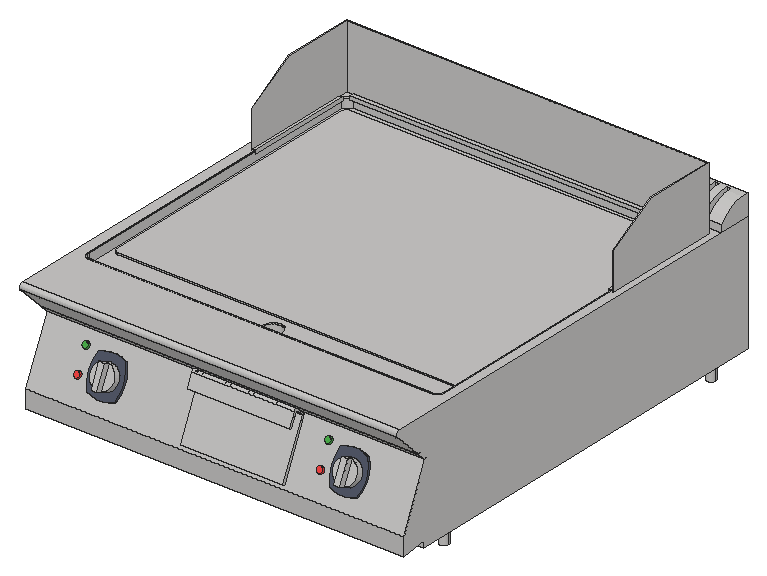
Revit family "QF_ELECTROLUXPROFESSIONAL_391400_E9IINDAOMEA", category Specialty Equipment, Revit 2018
Family settings
  Round Connector Dimension = Use Diameter
  Part Type = Normal
  Work Plane-Based = No
  Always vertical = Yes
  Cut with Voids When Loaded = No
  Shared = No
  Room Calculation Point = No
Parameters
  Width = 800 mm  # constant formula
  Weight in Pounds = 105  # constant formula
  Watts = 15000 VA  # 15000 W
  Volts = 400 V  # constant formula
  URL Cutsheet = "www.electrolux.com"
  URL = "www.electrolux.com"
  Type Mark [instance] = ""
  Status [instance] = ""
  Specification by User [instance] = ""
  Specification by Manufacturer = ""
  Show Logo [instance] = yes
  Show Clearance [instance] = yes
  Serial Number = ""
  Seismic Rating = ""
  SMACNA No = ""
  Revision Code [instance] = ""
  Phase = 3
  Omniclass Number and Title = ""
  Number of Poles [instance] = 1
  NAFEM Spec ID Number = ""
  Model = "391069"
  Min Ckt Ampacity = 0 A
  Max Overcurrent Protection = 0 A
  Masterspec = ""
  Manufacturer = "ELECTROLUX"
  Item Number [instance] = ""
  Installed By [instance] = ""
  Identify Quantity as Lot [instance] = yes
  HP = "20.1 HP"
  Furnished By [instance] = ""
  Foodservice Equipment Identifier [instance] = yes
  FL Amps = if(Phase = 3, Watts / (Volts * 1.73), Watts / Volts)  # 21.6763 A
  Electrical Remarks [instance] = "400 V/3N ph/50/60 Hz"  # constant formula
  Electric Connection Type [instance] = ""
  Elec Conn RI Height [instance] = 0 mm
  Elec Conn Connection Height [instance] = 0 mm
  Direct Waste Size = 0"
  Description = "900XP FULL MODULE ELECTRIC FRY TOP, SMOOTH HORIZONTAL PLATE, MILD STEEL - 400 V"
  Depth = 930 mm  # constant formula
  Cycle [instance] = if([60 Hertz Option], 60 Hz, 50 Hz)  # 60 Hz
  Conn Plug = ""
  Conn Conduit = yes
  CSI MasterFormat = ""
  CSI Master Format = ""
  Apparent Power = if(Phase = 3, Volts * FL Amps * 1.73, Volts * FL Amps)  # 15000 VA
  60 Hertz Option [instance] = not([50 Hertz Option])  # yes
  50 Hertz Option [instance] = no
Reference planes
  plane 1 "BACK": y = 0
  plane 2: z = 0
  plane 3 "LEFT": x = 0
  plane 4 "RIGHT": x = 800
  plane 5 "FRONT": y = -930
  plane 6 "TOP": z = 275
  plane 7 "Center Y": x = 400
  plane 8 "Center X": y = -465
  plane 9: y = -1045
  plane 10: z = 24
  plane 11: z = 290
  plane 12: z = 410
  plane 13: x = 11
  plane 14: x = 789
Forms (mm)
  Extrusion 1, solid, material "QF_Finishes_Stainless Steel"
    sketch origin (0, 0, 0) x (0, 1, 0) y (0, 0, 1)
      loop
        line (0, 275) -> (-922.686, 275)
        arc (-922.686, 275) -> (-929.443, 270.485) -> (-927.858, 262.514) r 7.314
        line (-927.858, 262.514) -> (-873.907, 208.563) -> (-865.773, 208.563) -> (-865.773, 206.447) -> (-871.79, 206.447) -> (-858.907, 193.563) -> (-850.773, 193.563) -> (-850.773, 191.447) -> (-856.79, 191.447) -> (-913.146, 69.003) -> (-913.146, 30.903) -> (-859.774, 36.513) -> (-859.774, 24) -> (0, 24) -> (0, 275)
    from 0 to 800
  Extrusion 2, solid, material "QF_Finishes_Stainless Steel"
    sketch origin (0, -1, 0) x (1, 0, 0) y (0, 1, 0)
      loop
        circle (11, -82) r 9.525
      loop
        circle (11, -790) r 9.525
      loop
        circle (789, -82) r 9.525
      loop
        circle (789, -790) r 9.525
    from 0 to 24
  Extrusion 3, solid, material "QF_Finishes_Stainless Steel"
    sketch origin (635, 190.152, 275) x (0, -1, 0) y (1, 0, 0)
      loop
        line (273.542, 147.97) -> (273.542, -617.97) -> (275.13, -617.97) -> (275.13, 147.97) -> (273.542, 147.97)
    from 0 to 135
  Extrusion 4, void
    sketch origin (0, 0, 275) x (0, -1, 0) y (1, 0, 0)
      loop
        arc (92.539, 37.03) -> (96.932, 26.423) -> (107.539, 22.03) r 15
        line (107.539, 22.03) -> (777.539, 22.03)
        arc (777.539, 22.03) -> (788.145, 26.423) -> (792.539, 37.03) r 15
        line (792.539, 37.03) -> (792.539, 762.97)
        arc (792.539, 762.97) -> (788.145, 773.577) -> (777.539, 777.97) r 15
        line (777.539, 777.97) -> (107.539, 777.97)
        arc (107.539, 777.97) -> (96.932, 773.577) -> (92.539, 762.97) r 15
        line (92.539, 762.97) -> (92.539, 37.03)
    from 0 to -21.588
  Sweep 5, solid, material "QF_Finishes_Stainless Steel"
    path origin (0, 0, 0) x (1, 0, 0) y (0, 1, 0)
      loop
        line (22.03, -107.539) -> (22.03, -777.539)
        arc (22.03, -777.539) -> (26.423, -788.145) -> (37.03, -792.539) r 15
        line (37.03, -792.539) -> (762.97, -792.539)
        arc (762.97, -792.539) -> (773.577, -788.145) -> (777.97, -777.539) r 15
        line (777.97, -777.539) -> (777.97, -107.539)
        arc (777.97, -107.539) -> (773.577, -96.932) -> (762.97, -92.539) r 15
        line (762.97, -92.539) -> (37.03, -92.539)
        arc (37.03, -92.539) -> (26.423, -96.932) -> (22.03, -107.539) r 15
    profile origin (22.03, -442.539, 0) x (1, 0, 0) y (0, 0, 1)
      loop
        line (0, 255) -> (1.588, 255) -> (1.588, 272.855)
        arc (1.588, 272.855) -> (1.147, 274.189) -> (0, 275) r 2.242
        line (0, 275) -> (0, 255)
  Extrusion 6, solid, material "QF_Finishes_Stainless Steel"
    sketch origin (0, 0, 0) x (1, 0, 0) y (0, 0, 1)
      loop
        line (17.03, 275.856) -> (23.926, 275.856) -> (23.926, 270.856) -> (25.514, 270.856) -> (25.514, 277.444) -> (17.03, 277.444) -> (17.03, 275.856)
      loop
        line (782.97, 275.856) -> (782.97, 277.444) -> (774.486, 277.444) -> (774.486, 270.856) -> (776.074, 270.856) -> (776.074, 275.856) -> (782.97, 275.856)
    from 105.541 to 335.39
  Extrusion 7, solid, material "QF_Finishes_Stainless Steel"
    sketch origin (0, 0, 0) x (0, 1, 0) y (0, 0, 1)
      loop
        line (-94.126, 270.856) -> (-94.126, 275.856) -> (-84.978, 275.856) -> (-84.978, 277.444) -> (-95.714, 277.444) -> (-95.714, 270.856) -> (-94.126, 270.856)
    from 32.03 to 767.97
  Extrusion 8, solid, material "QF_Finishes_Stainless Steel"
    sketch origin (0, -101.6, 24) x (-1, 0, 0) y (0, 1, 0)
      loop
        circle (-740, -482.4) r 6.35
    from 0 to 5
  Extrusion 9, solid, material "QF_Clearances", visible <- "Show Clearance", detail levels coarse
    sketch origin (0, 0, 0) x (1, 0, 0) y (0, 1, 0)
      loop
        line (0, 0) -> (800, 0) -> (800, -930) -> (900, -930) -> (900, 100) -> (-100, 100) -> (-100, -930) -> (0, -930) -> (0, 0)
    from 0 to 410
  Extrusion 10, solid, material "QF_Finishes_Stainless Steel"
    sketch origin (0, 0, 0) x (0, 1, 0) y (0, 0, 1)
      loop
        line (-792.539, 255) -> (-792.539, 253.413) -> (-92.539, 253.413) -> (-92.539, 255) -> (-792.539, 255)
    from 22.03 to 777.97
  Extrusion 11, solid, material "QF_Finishes_Stainless Steel"
    sketch origin (445, 0, 0) x (0, 1, 0) y (0, 0, 1)
      loop
        line (-858.205, 188.372) -> (-874.612, 204.778)
        arc (-874.612, 204.778) -> (-879.079, 206.181) -> (-882.783, 203.316) r 5.058
        line (-882.783, 203.316) -> (-895.445, 175.806) -> (-892.561, 174.479) -> (-879.899, 201.989)
        arc (-879.899, 201.989) -> (-878.52, 203.055) -> (-876.857, 202.533) r 1.883
        line (-876.857, 202.533) -> (-862.014, 187.69) -> (-912.848, 77.245) -> (-909.964, 75.918) -> (-858.205, 188.372)
    from -117.029 to 100
  Extrusion 12, solid, material "QF_Door-Drawer Clearances", visible <- "Show Clearance", detail levels coarse
    sketch origin (445, 0, 0) x (0, 1, 0) y (0, 0, 1)
      loop
        line (-1024.713, 174.479) -> (-1012.051, 201.989)
        arc (-1012.051, 201.989) -> (-1010.672, 203.055) -> (-1009.009, 202.533) r 1.883
        line (-1009.009, 202.533) -> (-994.166, 187.69) -> (-1045, 77.245) -> (-1042.116, 75.918) -> (-909.964, 75.918) -> (-858.205, 188.372) -> (-874.612, 204.778)
        arc (-874.612, 204.778) -> (-875.847, 205.685) -> (-877.298, 206.181) r 5.058
        line (-877.298, 206.181) -> (-1011.231, 206.181)
        arc (-1011.231, 206.181) -> (-1013.435, 205.203) -> (-1014.935, 203.316) r 5.058
        line (-1014.935, 203.316) -> (-1027.597, 175.806) -> (-1024.713, 174.479)
    from -117.029 to 100
  Extrusion 13, void
    sketch origin (328.121, 0, 0) x (1, 0, 0) y (0, 1, 0)
      loop
        circle (71.879, -758.736) r 20
    from 235.859 to 256.719
  Extrusion 14, solid, material "QF_Finishes_Stainless Steel"
    sketch origin (0, 0, 0) x (0, 1, 0) y (0, 0, 1)
      loop
        line (-83.39, 410) -> (-235.39, 410) -> (-335.39, 352.265) -> (-335.39, 275) -> (-83.39, 275) -> (-83.39, 410)
    from 15.442 to 17.03
  Extrusion 15, solid, material "QF_Finishes_Stainless Steel"
    sketch origin (23.617, -107.539, 255) x (-1, 0, 0) y (0, 1, 0)
      loop
        arc (-18.412, -615) -> (-11.341, -612.071) -> (-8.412, -605) r 10
        line (-8.412, -605) -> (-8.412, -7.867)
        arc (-8.412, -7.867) -> (-11.341, -0.796) -> (-18.412, 2.133) r 10
        line (-18.412, 2.133) -> (-734.353, 2.133)
        arc (-734.353, 2.133) -> (-741.425, -0.796) -> (-744.353, -7.867) r 10
        line (-744.353, -7.867) -> (-744.353, -605)
        arc (-744.353, -605) -> (-741.425, -612.071) -> (-734.353, -615) r 10
        line (-734.353, -615) -> (-18.412, -615)
    from 0 to -2
  Extrusion 16, solid, material "QF_Finishes_Navy Blue"
    sketch origin (302.956, -912.449, 70.59) x (0, 0.419232, 0.907879) y (-1, 0, 0)
      loop
        arc (102.26, -332.62) -> (66.843, -325.139) -> (31.333, -332.16) r 90.355
        arc (31.333, -332.16) -> (24.504, -361.269) -> (31.333, -390.378) r 65.456
        arc (31.333, -390.378) -> (66.877, -399.452) -> (102.26, -389.765) r 71.728
        arc (102.26, -389.765) -> (108.852, -361.193) -> (102.26, -332.62) r 65.22
    from 0 to 3.175
  Extrusion 17, solid, material "QF_Finishes_Stainless Steel"
    sketch origin (504.206, -916.163, 70.121) x (0, 0.419232, 0.907879) y (-1, 0, 0)
      loop
        circle (68.826, -160.963) r 25.4
    from 0 to 12.7
  Extrusion 18, solid, material "QF_Finishes_Stainless Steel"
    sketch origin (504.206, -927.693, 75.445) x (0, 0.419232, 0.907879) y (-1, 0, 0)
      loop
        arc (93.558, -166.749) -> (94.226, -160.963) -> (93.558, -155.177) r 25.4
        line (93.558, -155.177) -> (44.094, -155.177)
        arc (44.094, -155.177) -> (43.426, -160.963) -> (44.094, -166.749) r 25.4
        line (44.094, -166.749) -> (93.558, -166.749)
    from 0 to 12.7
  Extrusion 19, solid, material "QF_Finishes_Green"
    sketch origin (316.698, -908.494, 79.155) x (0, 0.419232, 0.907879) y (-1, 0, 0)
      loop
        circle (94.749, -290.848) r 6.35
    from 0 to 3.175
  Extrusion 20, solid, material "QF_Finishes_Red"
    sketch origin (316.698, -930.457, 31.593) x (0, 0.419232, 0.907879) y (-1, 0, 0)
      loop
        circle (95.112, -290.848) r 6.35
    from 0 to 3.175
  Extrusion 21, solid, material "QF_Finishes_Stainless Steel"
    sketch origin (800, 0, 0) x (0, 1, 0) y (0, 0, -1)
      loop
        line (-83.39, -410) -> (-83.39, -275) -> (-335.39, -275) -> (-335.39, -352.265) -> (-235.39, -410) -> (-83.39, -410)
    from 15.442 to 17.03
  Extrusion 22, solid, material "QF_Finishes_Navy Blue"
    sketch origin (-212.044, -912.449, 70.59) x (0, 0.419232, 0.907879) y (-1, 0, 0)
      loop
        arc (102.26, -332.62) -> (66.843, -325.139) -> (31.333, -332.16) r 90.355
        arc (31.333, -332.16) -> (24.504, -361.269) -> (31.333, -390.378) r 65.456
        arc (31.333, -390.378) -> (66.877, -399.452) -> (102.26, -389.765) r 71.728
        arc (102.26, -389.765) -> (108.852, -361.193) -> (102.26, -332.62) r 65.22
    from 0 to 3.175
  Extrusion 23, solid, material "QF_Finishes_Stainless Steel"
    sketch origin (-10.794, -916.163, 70.121) x (0, 0.419232, 0.907879) y (-1, 0, 0)
      loop
        circle (68.826, -160.963) r 25.4
    from 0 to 12.7
  Extrusion 24, solid, material "QF_Finishes_Stainless Steel"
    sketch origin (-10.794, -927.693, 75.445) x (0, 0.419232, 0.907879) y (-1, 0, 0)
      loop
        arc (93.558, -166.749) -> (94.226, -160.963) -> (93.558, -155.177) r 25.4
        line (93.558, -155.177) -> (44.094, -155.177)
        arc (44.094, -155.177) -> (43.426, -160.963) -> (44.094, -166.749) r 25.4
        line (44.094, -166.749) -> (93.558, -166.749)
    from 0 to 12.7
  Extrusion 25, solid, material "QF_Finishes_Green"
    sketch origin (-198.302, -908.494, 79.155) x (0, 0.419232, 0.907879) y (-1, 0, 0)
      loop
        circle (94.749, -290.848) r 6.35
    from 0 to 3.175
  Extrusion 26, solid, material "QF_Finishes_Red"
    sketch origin (-198.302, -930.457, 31.593) x (0, 0.419232, 0.907879) y (-1, 0, 0)
      loop
        circle (95.112, -290.848) r 6.35
    from 0 to 3.175
  Extrusion 27, solid, material "QF_Finishes_Stainless Steel"
    sketch origin (0, 0, -10.038) x (0, 1, 0) y (0, 0, 1)
      loop
        line (0, 285.038) -> (0, 331.738)
        arc (0, 331.738) -> (-38.857, 324.552) -> (-69.85, 300.038) r 82.056
        line (-69.85, 300.038) -> (-69.85, 285.038) -> (0, 285.038)
    from 0 to 400
  Extrusion 28, void
    sketch origin (0, 0, 264.6) x (0, -1, 0) y (1, 0, 0)
      loop
        line (6.761, 29.703) -> (63.911, 29.703) -> (63.911, 38.999) -> (6.761, 38.999) -> (6.761, 29.703)
      loop
        line (63.911, 64.487) -> (6.761, 64.487) -> (6.761, 55.191) -> (63.911, 55.191) -> (63.911, 64.487)
      loop
        line (63.911, 89.975) -> (6.761, 89.975) -> (6.761, 80.68) -> (63.911, 80.68) -> (63.911, 89.975)
      loop
        line (63.911, 115.464) -> (6.761, 115.464) -> (6.761, 106.168) -> (63.911, 106.168) -> (63.911, 115.464)
      loop
        line (63.911, 140.952) -> (6.761, 140.952) -> (6.761, 131.656) -> (63.911, 131.656) -> (63.911, 140.952)
      loop
        line (63.911, 166.44) -> (6.761, 166.44) -> (6.761, 157.145) -> (63.911, 157.145) -> (63.911, 166.44)
      loop
        line (63.911, 191.929) -> (6.761, 191.929) -> (6.761, 182.633) -> (63.911, 182.633) -> (63.911, 191.929)
      loop
        line (63.911, 217.417) -> (6.761, 217.417) -> (6.761, 208.121) -> (63.911, 208.121) -> (63.911, 217.417)
      loop
        line (63.911, 242.905) -> (6.761, 242.905) -> (6.761, 233.61) -> (63.911, 233.61) -> (63.911, 242.905)
      loop
        line (63.911, 268.394) -> (6.761, 268.394) -> (6.761, 259.098) -> (63.911, 259.098) -> (63.911, 268.394)
      loop
        line (63.911, 293.882) -> (6.761, 293.882) -> (6.761, 284.586) -> (63.911, 284.586) -> (63.911, 293.882)
      loop
        line (63.911, 319.37) -> (6.761, 319.37) -> (6.761, 310.075) -> (63.911, 310.075) -> (63.911, 319.37)
      loop
        line (63.911, 344.859) -> (6.761, 344.859) -> (6.761, 335.563) -> (63.911, 335.563) -> (63.911, 344.859)
      loop
        line (63.911, 370.347) -> (6.761, 370.347) -> (6.761, 361.051) -> (63.911, 361.051) -> (63.911, 370.347)
    from 25.4 to 63.5
  Extrusion 29, solid, material "QF_Finishes_Stainless Steel"
    sketch origin (800, 0, -10.038) x (0, 1, 0) y (0, 0, -1)
      loop
        line (0, -285.038) -> (-69.85, -285.038) -> (-69.85, -300.038)
        arc (-69.85, -300.038) -> (-38.857, -324.552) -> (0, -331.738) r 82.056
        line (0, -331.738) -> (0, -285.038)
    from 0 to 400
  Extrusion 30, void
    sketch origin (800, 0, 264.6) x (0, -1, 0) y (1, 0, 0)
      loop
        line (6.761, -29.703) -> (6.761, -38.999) -> (63.911, -38.999) -> (63.911, -29.703) -> (6.761, -29.703)
      loop
        line (63.911, -64.487) -> (63.911, -55.191) -> (6.761, -55.191) -> (6.761, -64.487) -> (63.911, -64.487)
      loop
        line (63.911, -89.975) -> (63.911, -80.68) -> (6.761, -80.68) -> (6.761, -89.975) -> (63.911, -89.975)
      loop
        line (63.911, -115.464) -> (63.911, -106.168) -> (6.761, -106.168) -> (6.761, -115.464) -> (63.911, -115.464)
      loop
        line (63.911, -140.952) -> (63.911, -131.656) -> (6.761, -131.656) -> (6.761, -140.952) -> (63.911, -140.952)
      loop
        line (63.911, -166.44) -> (63.911, -157.145) -> (6.761, -157.145) -> (6.761, -166.44) -> (63.911, -166.44)
      loop
        line (63.911, -191.929) -> (63.911, -182.633) -> (6.761, -182.633) -> (6.761, -191.929) -> (63.911, -191.929)
      loop
        line (63.911, -217.417) -> (63.911, -208.121) -> (6.761, -208.121) -> (6.761, -217.417) -> (63.911, -217.417)
      loop
        line (63.911, -242.905) -> (63.911, -233.61) -> (6.761, -233.61) -> (6.761, -242.905) -> (63.911, -242.905)
      loop
        line (63.911, -268.394) -> (63.911, -259.098) -> (6.761, -259.098) -> (6.761, -268.394) -> (63.911, -268.394)
      loop
        line (63.911, -293.882) -> (63.911, -284.586) -> (6.761, -284.586) -> (6.761, -293.882) -> (63.911, -293.882)
      loop
        line (63.911, -319.37) -> (63.911, -310.075) -> (6.761, -310.075) -> (6.761, -319.37) -> (63.911, -319.37)
      loop
        line (63.911, -344.859) -> (63.911, -335.563) -> (6.761, -335.563) -> (6.761, -344.859) -> (63.911, -344.859)
      loop
        line (63.911, -370.347) -> (63.911, -361.051) -> (6.761, -361.051) -> (6.761, -370.347) -> (63.911, -370.347)
    from 25.4 to 63.5
Cuts and joins
  Extrusion 4, Extrusion 13 cuts Extrusion 1
  Extrusion 13 cuts Extrusion 10
  joined: Extrusion 3, Extrusion 14, Extrusion 21
  Extrusion 28, Extrusion 30 cuts Extrusion 27
  Extrusion 30 cuts Extrusion 29
Lines and regions (mm)
  symbolic lines, style "QF_Clearances", visible <- "Show Clearance", detail levels coarse
    curve 1: line (900, -930, 0) -> (900, 100, 0)
    curve 2: line (900, 100, 0) -> (-100, 100, 0)
    curve 3: line (-100, 100, 0) -> (-100, -930, 0)
  symbolic lines, style "QF_Door-Drawer Clearances"
    curve 4: line (327.971, -930, 0) -> (327.971, -1045, 0)
    curve 5: line (327.971, -1045, 0) -> (545, -1045, 0)
    curve 6: line (545, -930, 0) -> (545, -1045, 0)
  symbolic lines
    curve 7: line (0, -930, 0) -> (800, -930, 0)
    curve 8: line (800, -930, 0) -> (800, 0, 0)
    curve 9: line (800, 0, 0) -> (0, 0, 0)
    curve 10: line (0, 0, 0) -> (0, -930, 0)
    curve 11: line (762.97, -792.539, 0) -> (37.03, -792.539, 0)
    curve 12: arc (37.03, -792.539, 0) -> (26.423, -788.145, 0) -> (22.03, -777.539, 0) r 15
    curve 13: line (22.03, -777.539, 0) -> (22.03, -335.39, 0)
    curve 14: arc (22.163, -105.541, 0) -> (25.387, -98.081, 0) -> (32.03, -93.397, 0) r 15
    curve 15: arc (767.97, -93.397, 0) -> (774.613, -98.081, 0) -> (777.837, -105.541, 0) r 15
    curve 16: line (777.97, -335.39, 0) -> (777.97, -777.539, 0)
    curve 17: arc (777.97, -777.539, 0) -> (773.577, -788.145, 0) -> (762.97, -792.539, 0) r 15
    curve 18: line (757.97, -722.539, 0) -> (42.03, -722.539, 0)
    curve 19: arc (42.03, -722.539, 0) -> (34.958, -719.61, 0) -> (32.03, -712.539, 0) r 10
    curve 20: line (32.03, -712.539, 0) -> (32.03, -115.406, 0)
    curve 21: arc (32.03, -115.406, 0) -> (34.958, -108.335, 0) -> (42.03, -105.406, 0) r 10
    curve 22: line (42.03, -105.406, 0) -> (757.97, -105.406, 0)
    curve 23: arc (757.97, -105.406, 0) -> (765.042, -108.335, 0) -> (767.97, -115.406, 0) r 10
    curve 24: line (767.97, -115.406, 0) -> (767.97, -712.539, 0)
    curve 25: arc (767.97, -712.539, 0) -> (765.042, -719.61, 0) -> (757.97, -722.539, 0) r 10
    curve 26: line (15.442, -83.39, 0) -> (15.442, -335.39, 0)
    curve 27: line (784.558, -83.39, 0) -> (15.442, -83.39, 0)
    curve 28: line (784.558, -335.39, 0) -> (784.558, -83.39, 0)
    curve 29: line (767.97, -95.714, 0) -> (767.97, -83.39, 0)
    curve 30: line (32.03, -95.714, 0) -> (767.97, -95.714, 0)
    curve 31: line (32.03, -83.39, 0) -> (32.03, -95.714, 0)
    curve 32: line (784.558, -105.541, 0) -> (774.486, -105.541, 0)
    curve 33: line (25.514, -335.39, 0) -> (25.514, -105.541, 0)
    curve 34: line (15.442, -335.39, 0) -> (25.514, -335.39, 0)
    curve 35: line (774.486, -105.541, 0) -> (774.486, -335.39, 0)
    curve 36: line (774.486, -335.39, 0) -> (784.558, -335.39, 0)
    curve 37: line (25.514, -105.541, 0) -> (15.442, -105.541, 0)
    curve 38: line (38.999, -6.761, 0) -> (38.999, -63.911, 0)
    curve 39: line (38.999, -63.911, 0) -> (29.703, -63.911, 0)
    curve 40: line (29.703, -63.911, 0) -> (29.703, -6.761, 0)
    curve 41: line (29.703, -6.761, 0) -> (38.999, -6.761, 0)
    curve 42: line (55.191, -63.911, 0) -> (55.191, -6.761, 0)
    curve 43: line (55.191, -6.761, 0) -> (64.487, -6.761, 0)
    curve 44: line (64.487, -6.761, 0) -> (64.487, -63.911, 0)
    curve 45: line (64.487, -63.911, 0) -> (55.191, -63.911, 0)
    curve 46: line (89.975, -6.761, 0) -> (89.975, -63.911, 0)
    curve 47: line (89.975, -63.911, 0) -> (80.68, -63.911, 0)
    curve 48: line (80.68, -63.911, 0) -> (80.68, -6.761, 0)
    curve 49: line (80.68, -6.761, 0) -> (89.975, -6.761, 0)
    curve 50: line (115.464, -6.761, 0) -> (115.464, -63.911, 0)
    curve 51: line (115.464, -63.911, 0) -> (106.168, -63.911, 0)
    curve 52: line (106.168, -63.911, 0) -> (106.168, -6.761, 0)
    curve 53: line (106.168, -6.761, 0) -> (115.464, -6.761, 0)
    curve 54: line (140.952, -6.761, 0) -> (140.952, -63.911, 0)
    curve 55: line (140.952, -63.911, 0) -> (131.656, -63.911, 0)
    curve 56: line (131.656, -63.911, 0) -> (131.656, -6.761, 0)
    curve 57: line (131.656, -6.761, 0) -> (140.952, -6.761, 0)
    curve 58: line (166.44, -6.761, 0) -> (166.44, -63.911, 0)
    curve 59: line (166.44, -63.911, 0) -> (157.145, -63.911, 0)
    curve 60: line (157.145, -63.911, 0) -> (157.145, -6.761, 0)
    curve 61: line (157.145, -6.761, 0) -> (166.44, -6.761, 0)
    curve 62: line (191.929, -6.761, 0) -> (191.929, -63.911, 0)
    curve 63: line (191.929, -63.911, 0) -> (182.633, -63.911, 0)
    curve 64: line (182.633, -63.911, 0) -> (182.633, -6.761, 0)
    curve 65: line (182.633, -6.761, 0) -> (191.929, -6.761, 0)
    curve 66: line (208.121, -63.911, 0) -> (208.121, -6.761, 0)
    curve 67: line (208.121, -6.761, 0) -> (217.417, -6.761, 0)
    curve 68: line (217.417, -6.761, 0) -> (217.417, -63.911, 0)
    curve 69: line (217.417, -63.911, 0) -> (208.121, -63.911, 0)
    curve 70: line (767.97, -83.39, 0) -> (767.97, -95.714, 0)
    curve 71: line (361.001, -6.761, 0) -> (361.001, -63.911, 0)
    curve 72: line (361.001, -63.911, 0) -> (370.297, -63.911, 0)
    curve 73: line (370.297, -63.911, 0) -> (370.297, -6.761, 0)
    curve 74: line (370.297, -6.761, 0) -> (361.001, -6.761, 0)
    curve 75: line (344.809, -63.911, 0) -> (344.809, -6.761, 0)
    curve 76: line (344.809, -6.761, 0) -> (335.513, -6.761, 0)
    curve 77: line (335.513, -6.761, 0) -> (335.513, -63.911, 0)
    curve 78: line (335.513, -63.911, 0) -> (344.809, -63.911, 0)
    curve 79: line (310.025, -6.761, 0) -> (310.025, -63.911, 0)
    curve 80: line (310.025, -63.911, 0) -> (319.32, -63.911, 0)
    curve 81: line (319.32, -63.911, 0) -> (319.32, -6.761, 0)
    curve 82: line (319.32, -6.761, 0) -> (310.025, -6.761, 0)
    curve 83: line (284.536, -6.761, 0) -> (284.536, -63.911, 0)
    curve 84: line (284.536, -63.911, 0) -> (293.832, -63.911, 0)
    curve 85: line (293.832, -63.911, 0) -> (293.832, -6.761, 0)
    curve 86: line (293.832, -6.761, 0) -> (284.536, -6.761, 0)
    curve 87: line (259.048, -6.761, 0) -> (259.048, -63.911, 0)
    curve 88: line (259.048, -63.911, 0) -> (268.344, -63.911, 0)
    curve 89: line (268.344, -63.911, 0) -> (268.344, -6.761, 0)
    curve 90: line (268.344, -6.761, 0) -> (259.048, -6.761, 0)
    curve 91: line (233.56, -6.761, 0) -> (233.56, -63.911, 0)
    curve 92: line (233.56, -63.911, 0) -> (242.855, -63.911, 0)
    curve 93: line (242.855, -63.911, 0) -> (242.855, -6.761, 0)
    curve 94: line (242.855, -6.761, 0) -> (233.56, -6.761, 0)
    curve 95: arc (380, -758.736, 0) -> (400, -738.736, 0) -> (420, -758.736, 0) r 20
    curve 96: arc (380, -758.736, 0) -> (400, -778.736, 0) -> (420, -758.736, 0) r 20
    curve 97: arc (777.837, -105.541, 0) -> (774.613, -98.081, 0) -> (767.97, -93.397, 0) r 15
    curve 98: arc (767.97, -115.406, 0) -> (765.042, -108.335, 0) -> (757.97, -105.406, 0) r 10
    curve 99: line (767.97, -83.39, 0) -> (767.97, -95.714, 0)
    curve 100: line (761.001, -6.761, 0) -> (761.001, -63.911, 0)
    curve 101: line (761.001, -63.911, 0) -> (770.297, -63.911, 0)
    curve 102: line (770.297, -63.911, 0) -> (770.297, -6.761, 0)
    curve 103: line (770.297, -6.761, 0) -> (761.001, -6.761, 0)
    curve 104: line (744.809, -63.911, 0) -> (744.809, -6.761, 0)
    curve 105: line (744.809, -6.761, 0) -> (735.513, -6.761, 0)
    curve 106: line (735.513, -6.761, 0) -> (735.513, -63.911, 0)
    curve 107: line (735.513, -63.911, 0) -> (744.809, -63.911, 0)
    curve 108: line (710.025, -6.761, 0) -> (710.025, -63.911, 0)
    curve 109: line (710.025, -63.911, 0) -> (719.32, -63.911, 0)
    curve 110: line (719.32, -63.911, 0) -> (719.32, -6.761, 0)
    curve 111: line (719.32, -6.761, 0) -> (710.025, -6.761, 0)
    curve 112: line (684.536, -6.761, 0) -> (684.536, -63.911, 0)
    curve 113: line (684.536, -63.911, 0) -> (693.832, -63.911, 0)
    curve 114: line (693.832, -63.911, 0) -> (693.832, -6.761, 0)
    curve 115: line (693.832, -6.761, 0) -> (684.536, -6.761, 0)
    curve 116: line (659.048, -6.761, 0) -> (659.048, -63.911, 0)
    curve 117: line (659.048, -63.911, 0) -> (668.344, -63.911, 0)
    curve 118: line (668.344, -63.911, 0) -> (668.344, -6.761, 0)
    curve 119: line (668.344, -6.761, 0) -> (659.048, -6.761, 0)
    curve 120: line (633.56, -6.761, 0) -> (633.56, -63.911, 0)
    curve 121: line (633.56, -63.911, 0) -> (642.855, -63.911, 0)
    curve 122: line (642.855, -63.911, 0) -> (642.855, -6.761, 0)
    curve 123: line (642.855, -6.761, 0) -> (633.56, -6.761, 0)
    curve 124: line (608.071, -6.761, 0) -> (608.071, -63.911, 0)
    curve 125: line (608.071, -63.911, 0) -> (617.367, -63.911, 0)
    curve 126: line (617.367, -63.911, 0) -> (617.367, -6.761, 0)
    curve 127: line (617.367, -6.761, 0) -> (608.071, -6.761, 0)
    curve 128: line (591.879, -63.911, 0) -> (591.879, -6.761, 0)
    curve 129: line (591.879, -6.761, 0) -> (582.583, -6.761, 0)
    curve 130: line (582.583, -6.761, 0) -> (582.583, -63.911, 0)
    curve 131: line (582.583, -63.911, 0) -> (591.879, -63.911, 0)
    curve 132: line (438.999, -6.761, 0) -> (438.999, -63.911, 0)
    curve 133: line (438.999, -63.911, 0) -> (429.703, -63.911, 0)
    curve 134: line (429.703, -63.911, 0) -> (429.703, -6.761, 0)
    curve 135: line (429.703, -6.761, 0) -> (438.999, -6.761, 0)
    curve 136: line (455.191, -63.911, 0) -> (455.191, -6.761, 0)
    curve 137: line (455.191, -6.761, 0) -> (464.487, -6.761, 0)
    curve 138: line (464.487, -6.761, 0) -> (464.487, -63.911, 0)
    curve 139: line (464.487, -63.911, 0) -> (455.191, -63.911, 0)
    curve 140: line (489.975, -6.761, 0) -> (489.975, -63.911, 0)
    curve 141: line (489.975, -63.911, 0) -> (480.68, -63.911, 0)
    curve 142: line (480.68, -63.911, 0) -> (480.68, -6.761, 0)
    curve 143: line (480.68, -6.761, 0) -> (489.975, -6.761, 0)
    curve 144: line (515.464, -6.761, 0) -> (515.464, -63.911, 0)
    curve 145: line (515.464, -63.911, 0) -> (506.168, -63.911, 0)
    curve 146: line (506.168, -63.911, 0) -> (506.168, -6.761, 0)
    curve 147: line (506.168, -6.761, 0) -> (515.464, -6.761, 0)
    curve 148: line (540.952, -6.761, 0) -> (540.952, -63.911, 0)
    curve 149: line (540.952, -63.911, 0) -> (531.656, -63.911, 0)
    curve 150: line (531.656, -63.911, 0) -> (531.656, -6.761, 0)
    curve 151: line (531.656, -6.761, 0) -> (540.952, -6.761, 0)
    curve 152: line (566.44, -6.761, 0) -> (566.44, -63.911, 0)
    curve 153: line (566.44, -63.911, 0) -> (557.145, -63.911, 0)
    curve 154: line (557.145, -63.911, 0) -> (557.145, -6.761, 0)
    curve 155: line (557.145, -6.761, 0) -> (566.44, -6.761, 0)
    curve 156: line (0, -69.85, 0) -> (800, -69.85, 0)
    curve 157: line (400, -69.85, 0) -> (400, 0, 0)
Dimensions and locks
  equal spacing: plane 3 "LEFT", plane 7 "Center Y", plane 4 "RIGHT"
  "Width": plane 3 "LEFT" to plane 4 "RIGHT"
  equal spacing: plane 5 "FRONT", plane 8 "Center X", plane 1 "BACK"
  "Depth": plane 5 "FRONT" to plane 1 "BACK"
  plane 6 "TOP" to level = 275 mm
  plane 1 "BACK" to plane 9 = 1045 mm  (x2)
  plane 10 to level = 24 mm  (x2)
  plane 11 to plane 10 = 266 mm
  plane 6 "TOP" to plane 10 = 251 mm
  plane 12 to level = 410 mm  (x2)
  plane 12 to plane 10 = 386 mm
  plane 13 to plane 3 "LEFT" = 11 mm
  locked: plane 14 to plane 4 "RIGHT" at 11
  plane 1 "BACK" to plane 5 "FRONT" = 930 mm
  Extrusion 8 to plane 10 = 5 mm
  plane 1 "BACK" to Extrusion 8 = 584 mm
  plane 1 "BACK" to Extrusion 2 to Extrusion 2 to plane 5 "FRONT" = 83 mm, 708 mm, 139 mm
  plane 13 to plane 14 = 778 mm
  Extrusion 8 sketch curve to plane 4 "RIGHT" = 60 mm
  Extrusion 8 sketch curve to plane 1 "BACK" = 584 mm
  aligned and locked: level to plane 2
  aligned and locked: Extrusion 1 to plane 4 "RIGHT"
Automatic sketch dimensions
  Extrusion 1 sketch curve to plane 6 "TOP" = 0 mm
  Extrusion 1 sketch curve to plane 10 = 0 mm
  Extrusion 1 sketch curve to plane 1 "BACK" = 0 mm
  Extrusion 1 sketch curve to plane 5 "FRONT" = 79.227 mm
  Extrusion 1 sketch curve to Extrusion 1 sketch curve = 6.017 mm  (x2)
  Extrusion 1 sketch curve to Extrusion 1 sketch curve = 2.117 mm  (x4)
  plane 10 to Extrusion 1 sketch curve = 12.513 mm
  Extrusion 1 sketch curve to plane 5 "FRONT" = 70.226 mm
  Extrusion 1 sketch curve to Extrusion 1 sketch curve = 6.866 mm
  Extrusion 1 sketch curve to plane 5 "FRONT" = 16.854 mm
  Extrusion 1 sketch curve to plane 5 "FRONT" = 7.314 mm
  Extrusion 1 sketch curve to plane 5 "FRONT" = 2.142 mm
  plane 10 to Extrusion 1 sketch curve = 6.903 mm
  Extrusion 1 sketch curve to Extrusion 1 sketch curve = 38.1 mm
  Extrusion 1 sketch curve to plane 6 "TOP" = 83.553 mm
  Extrusion 1 sketch curve to Extrusion 1 sketch curve = 12.883 mm
  Extrusion 1 sketch curve to plane 6 "TOP" = 12.486 mm
  Extrusion 2 sketch curve to plane 13 = 0 mm  (x2)
  Extrusion 2 sketch curve to plane 14 = 0 mm  (x2)
  Extrusion 2 sketch curve to plane 5 "FRONT" = 139 mm  (x2)
  plane 1 "BACK" to Extrusion 2 sketch curve = 83 mm  (x2)
  Extrusion 1 to Extrusion 3 sketch curve = 17.03 mm  (x2)
  Extrusion 1 to Extrusion 3 sketch curve = 83.39 mm
  Extrusion 3 sketch curve to Extrusion 3 sketch curve = 1.588 mm
  Extrusion 1 to Extrusion 4 sketch curve = 37.03 mm
  Extrusion 1 to Extrusion 4 sketch curve = 92.539 mm
  Extrusion 4 sketch curve to Extrusion 4 sketch curve = 15 mm  (x3)
  Extrusion 1 to Extrusion 4 sketch curve = 145.147 mm  (x2)
  Extrusion 1 to Extrusion 4 sketch curve = 22.03 mm
  plane 13 to Sweep 5 sketch curve = 11.03 mm
  Sweep 5 sketch curve to Sweep 5 sketch curve = 15 mm  (x2)
  plane 14 to Sweep 5 sketch curve = 26.03 mm  (x2)
  plane 14 to Sweep 5 sketch curve = 11.03 mm
  Sweep 5 sketch curve to plane 5 "FRONT" = 137.461 mm
  plane 1 "BACK" to Sweep 5 sketch curve = 107.539 mm
  profile plane to Sweep 5 sketch curve = 0 mm
  profile plane to Sweep 5 sketch curve = 0.655 mm
  Sweep 5 sketch curve to profile plane = 1.588 mm
  level to Sweep 5 sketch curve = 255 mm
  Sweep 5 sketch curve to Sweep 5 sketch curve = 17.855 mm
  plane 6 "TOP" to Extrusion 6 sketch curve = 0.856 mm  (x2)
  plane 13 to Extrusion 6 sketch curve = 6.03 mm
  Extrusion 6 sketch curve to plane 6 "TOP" = 4.144 mm  (x2)
  Extrusion 6 sketch curve to Extrusion 6 sketch curve = 6.896 mm
  Extrusion 6 sketch curve to Extrusion 6 sketch curve = 1.588 mm  (x3)
  plane 14 to Extrusion 6 sketch curve = 14.514 mm
  plane 6 "TOP" to Extrusion 6 sketch curve = 2.444 mm
  plane 14 to Extrusion 6 sketch curve = 6.03 mm
  plane 6 "TOP" to Extrusion 7 sketch curve = 2.444 mm
  plane 1 "BACK" to Extrusion 7 sketch curve = 95.714 mm
  Extrusion 7 sketch curve to Extrusion 7 sketch curve = 1.588 mm
  Extrusion 7 sketch curve to Extrusion 7 sketch curve = 9.149 mm
  plane 6 "TOP" to Extrusion 7 sketch curve = 0.856 mm
  Extrusion 7 sketch curve to plane 6 "TOP" = 4.144 mm
  plane 5 "FRONT" to Extrusion 9 sketch curve = 0 mm  (x2)
  Extrusion 9 sketch curve to plane 3 "LEFT" = 0 mm
  Extrusion 9 sketch curve to plane 4 "RIGHT" = 0 mm
  plane 1 "BACK" to Extrusion 9 sketch curve = 0 mm
  Extrusion 9 sketch curve to plane 3 "LEFT" = 100 mm
  Extrusion 9 sketch curve to plane 4 "RIGHT" = 100 mm
  Extrusion 9 sketch curve to plane 1 "BACK" = 100 mm
  Extrusion 10 sketch curve to plane 6 "TOP" = 21.587 mm
  Extrusion 10 sketch curve to plane 5 "FRONT" = 137.461 mm
  plane 1 "BACK" to Extrusion 10 sketch curve = 92.539 mm
  Extrusion 10 sketch curve to Extrusion 10 sketch curve = 1.588 mm
  Extrusion 11 sketch curve to Extrusion 11 sketch curve = 0 mm  (x2)
  Extrusion 11 sketch curve to plane 5 "FRONT" = 17.152 mm
  Extrusion 11 sketch curve to Extrusion 11 sketch curve = 2.884 mm  (x3)
  Extrusion 11 sketch curve to plane 5 "FRONT" = 34.555 mm
  Extrusion 11 sketch curve to Extrusion 11 sketch curve = 12.662 mm
  Extrusion 11 sketch curve to Extrusion 11 sketch curve = 1.711 mm
  Extrusion 11 sketch curve to Extrusion 11 sketch curve = 1.332 mm
  Extrusion 11 sketch curve to Extrusion 11 sketch curve = 2.245 mm
  Extrusion 11 sketch curve to Extrusion 11 sketch curve = 14.843 mm
  Extrusion 11 sketch curve to Extrusion 11 sketch curve = 3.809 mm
  plane 10 to Extrusion 11 sketch curve = 51.918 mm
  Extrusion 11 sketch curve to Extrusion 11 sketch curve = 1.327 mm  (x2)
  Extrusion 11 sketch curve to Extrusion 11 sketch curve = 13.211 mm
  Extrusion 11 sketch curve to Extrusion 11 sketch curve = 0.787 mm
  Extrusion 12 sketch curve to Extrusion 12 sketch curve = 0 mm  (x2)
  Extrusion 12 sketch curve to plane 9 = 0 mm
  plane 9 to Extrusion 12 sketch curve = 2.884 mm
  plane 9 to Extrusion 12 sketch curve = 17.403 mm
  Extrusion 12 sketch curve to Extrusion 12 sketch curve = 2.884 mm  (x2)
  plane 9 to Extrusion 12 sketch curve = 30.065 mm
  Extrusion 12 sketch curve to Extrusion 12 sketch curve = 0.82 mm
  Extrusion 12 sketch curve to Extrusion 12 sketch curve = 1.711 mm
  Extrusion 12 sketch curve to Extrusion 12 sketch curve = 1.332 mm
  Extrusion 12 sketch curve to Extrusion 12 sketch curve = 14.843 mm
  Extrusion 12 sketch curve to plane 5 "FRONT" = 20.036 mm
  Extrusion 12 sketch curve to plane 5 "FRONT" = 51.812 mm
  Extrusion 12 sketch curve to Extrusion 12 sketch curve = 0.891 mm
  Extrusion 12 sketch curve to Extrusion 12 sketch curve = 2.686 mm
  Extrusion 12 sketch curve to Extrusion 12 sketch curve = 16.406 mm
  plane 10 to Extrusion 12 sketch curve = 51.918 mm
  Extrusion 12 sketch curve to Extrusion 12 sketch curve = 1.327 mm  (x2)
  Extrusion 12 sketch curve to Extrusion 12 sketch curve = 13.211 mm
  Extrusion 12 sketch curve to plane 6 "TOP" = 86.628 mm
  Extrusion 12 sketch curve to Extrusion 12 sketch curve = 0.787 mm
  Extrusion 12 sketch curve to Extrusion 12 sketch curve = 4.979 mm
  Extrusion 13 sketch curve to plane 7 "Center Y" = 0 mm
  Extrusion 13 sketch curve to plane 5 "FRONT" = 171.264 mm
  Extrusion 14 sketch curve to plane 6 "TOP" = 0 mm
  Extrusion 14 sketch curve to plane 12 = 0 mm
  Extrusion 14 sketch curve to plane 12 = 57.735 mm
  plane 8 "Center X" to Extrusion 14 sketch curve = 129.61 mm
  Extrusion 14 sketch curve to Extrusion 14 sketch curve = 100 mm
  plane 1 "BACK" to Extrusion 14 sketch curve = 83.39 mm
  Sweep 5 to Extrusion 15 sketch curve = 8.412 mm
  Extrusion 15 sketch curve to Extrusion 15 sketch curve = 10 mm  (x2)
  Sweep 5 to Extrusion 15 sketch curve = 18.412 mm
  Sweep 5 to Extrusion 15 sketch curve = 18.413 mm
  Sweep 5 to Extrusion 15 sketch curve = 8.413 mm
  Sweep 5 to Extrusion 15 sketch curve = 11.28 mm
  Sweep 5 to Extrusion 15 sketch curve = 78.412 mm
  plane 14 to Extrusion 16 sketch curve = 153.884 mm
  Extrusion 16 sketch curve to Extrusion 16 sketch curve = 0 mm
  Extrusion 16 sketch curve to Extrusion 16 sketch curve = 12.3 mm  (x3)
  Extrusion 16 sketch curve to Extrusion 16 sketch curve = 34.925 mm  (x2)
  Extrusion 16 sketch curve to Extrusion 16 sketch curve = 23.703 mm
  Extrusion 16 sketch curve to Extrusion 16 sketch curve = 0.46 mm
  Extrusion 16 sketch curve to Extrusion 16 sketch curve = 29.032 mm
  Extrusion 16 sketch curve to Extrusion 16 sketch curve = 28.496 mm
  Extrusion 18 sketch curve to Extrusion 18 sketch curve = 24.732 mm
  Extrusion 18 sketch curve to Extrusion 18 sketch curve = 0 mm
  plane 14 to Extrusion 19 sketch curve = 181.454 mm
  plane 14 to Extrusion 20 sketch curve = 181.454 mm
  Extrusion 21 sketch curve to plane 6 "TOP" = 0 mm
  Extrusion 21 sketch curve to plane 12 = 0 mm
  Extrusion 21 sketch curve to plane 12 = 57.735 mm
  plane 8 "Center X" to Extrusion 21 sketch curve = 129.61 mm
  Extrusion 21 sketch curve to Extrusion 21 sketch curve = 100 mm
  plane 1 "BACK" to Extrusion 21 sketch curve = 83.39 mm
  plane 13 to Extrusion 22 sketch curve = 109.116 mm
  Extrusion 22 sketch curve to Extrusion 22 sketch curve = 0 mm
  Extrusion 22 sketch curve to Extrusion 22 sketch curve = 12.3 mm  (x3)
  Extrusion 22 sketch curve to Extrusion 22 sketch curve = 34.925 mm  (x2)
  Extrusion 22 sketch curve to Extrusion 22 sketch curve = 23.703 mm
  Extrusion 22 sketch curve to Extrusion 22 sketch curve = 0.46 mm
  Extrusion 22 sketch curve to Extrusion 22 sketch curve = 29.032 mm
  Extrusion 22 sketch curve to Extrusion 22 sketch curve = 28.496 mm
  Extrusion 24 sketch curve to Extrusion 24 sketch curve = 24.732 mm
  Extrusion 24 sketch curve to Extrusion 24 sketch curve = 0 mm
  plane 13 to Extrusion 25 sketch curve = 81.546 mm
  plane 13 to Extrusion 26 sketch curve = 81.546 mm
  Extrusion 27 sketch curve to plane 6 "TOP" = 0 mm
  Extrusion 27 sketch curve to plane 11 = 0 mm
  Extrusion 27 sketch curve to plane 1 "BACK" = 0 mm
  plane 1 "BACK" to Extrusion 27 sketch curve = 4.947 mm
  plane 1 "BACK" to Extrusion 27 sketch curve = 69.85 mm
  Extrusion 27 sketch curve to plane 6 "TOP" = 35.207 mm
  plane 1 "BACK" to Extrusion 28 sketch curve = 6.761 mm  (x14)
  Extrusion 28 sketch curve to Extrusion 28 sketch curve = 57.15 mm
  Extrusion 28 sketch curve to Extrusion 28 sketch curve = 0 mm  (x13)
  plane 13 to Extrusion 28 sketch curve = 18.703 mm
  Extrusion 28 sketch curve to Extrusion 28 sketch curve = 9.296 mm  (x14)
  Extrusion 28 sketch curve to Extrusion 28 sketch curve = 16.193 mm  (x13)
  Extrusion 29 sketch curve to plane 6 "TOP" = 0 mm
  Extrusion 29 sketch curve to plane 11 = 0 mm
  Extrusion 29 sketch curve to plane 1 "BACK" = 0 mm
  plane 1 "BACK" to Extrusion 29 sketch curve = 4.947 mm
  plane 1 "BACK" to Extrusion 29 sketch curve = 69.85 mm
  Extrusion 29 sketch curve to Extrusion 29 sketch curve = 46.7 mm
  plane 1 "BACK" to Extrusion 30 sketch curve = 6.761 mm  (x14)
  Extrusion 30 sketch curve to Extrusion 30 sketch curve = 57.15 mm
  Extrusion 30 sketch curve to Extrusion 30 sketch curve = 0 mm  (x13)
  plane 7 "Center Y" to Extrusion 30 sketch curve = 29.653 mm
  Extrusion 30 sketch curve to Extrusion 30 sketch curve = 9.296 mm  (x14)
  Extrusion 30 sketch curve to Extrusion 30 sketch curve = 16.193 mm  (x13)
  curve 15 to curve 97 = 0 mm  (x3)
  plane 5 "FRONT" to curve 3 = 0 mm
  curve 156 to plane 3 "LEFT" = 0 mm
  plane 5 "FRONT" to curve 4 = 0 mm
  curve 4 to plane 9 = 0 mm
  curve 96 to plane 7 "Center Y" = 0 mm
  curve 157 to plane 7 "Center Y" = 0 mm
  plane 1 "BACK" to curve 8 = 0 mm
  curve 8 to plane 4 "RIGHT" = 0 mm
  plane 5 "FRONT" to curve 1 = 0 mm
  curve 3 to curve 7 = 100 mm
  plane 13 to curve 34 = 4.442 mm
  plane 13 to curve 12 = 11.03 mm
  curve 37 to curve 14 = 6.721 mm
  curve 14 to curve 33 = 3.351 mm
  plane 13 to curve 39 = 18.703 mm
  plane 13 to curve 20 = 21.03 mm
  curve 26 to curve 31 = 16.587 mm
  curve 12 to curve 12 = 15 mm
  curve 20 to curve 14 = 5 mm
  curve 40 to curve 41 = 9.296 mm
  curve 14 to curve 21 = 5 mm
  curve 19 to curve 19 = 10 mm
  plane 1 "BACK" to curve 43 = 6.761 mm
  curve 38 to curve 43 = 16.193 mm
  curve 42 to curve 45 = 9.296 mm
  plane 1 "BACK" to curve 48 = 6.761 mm
  curve 43 to curve 48 = 16.193 mm
  curve 48 to curve 49 = 9.296 mm
  plane 1 "BACK" to curve 52 = 6.761 mm
  curve 46 to curve 52 = 16.193 mm
  curve 52 to curve 50 = 9.296 mm
  plane 1 "BACK" to curve 56 = 6.761 mm
  curve 50 to curve 56 = 16.193 mm
  curve 55 to curve 54 = 9.296 mm
  curve 54 to curve 59 = 16.193 mm
  curve 60 to curve 58 = 9.296 mm
  curve 58 to curve 63 = 16.193 mm
  curve 64 to curve 62 = 9.296 mm
  curve 62 to curve 66 = 16.193 mm
  curve 66 to curve 67 = 9.296 mm
  plane 1 "BACK" to curve 94 = 6.761 mm
  curve 67 to curve 94 = 16.143 mm
  curve 91 to curve 93 = 9.296 mm
  plane 1 "BACK" to curve 90 = 6.761 mm
  curve 93 to curve 90 = 16.193 mm
  curve 87 to curve 88 = 9.296 mm
  curve 88 to curve 83 = 16.193 mm
  curve 83 to curve 85 = 9.296 mm
  curve 84 to curve 79 = 16.193 mm
  curve 79 to curve 81 = 9.296 mm
  curve 4 to plane 7 "Center Y" = 72.029 mm
  curve 80 to curve 78 = 16.193 mm
  curve 76 to curve 76 = 9.296 mm
  plane 1 "BACK" to curve 74 = 6.761 mm
  curve 75 to curve 74 = 16.193 mm
  curve 71 to curve 74 = 9.296 mm
  curve 96 to plane 7 "Center Y" = 20 mm
  plane 1 "BACK" to curve 134 = 6.761 mm
  plane 7 "Center Y" to curve 134 = 29.703 mm
  curve 133 to curve 132 = 9.296 mm
  plane 1 "BACK" to curve 137 = 6.761 mm
  curve 132 to curve 137 = 16.193 mm
  curve 136 to curve 138 = 9.296 mm
  plane 1 "BACK" to curve 143 = 6.761 mm
  curve 137 to curve 143 = 16.193 mm
  curve 141 to curve 141 = 9.296 mm
  curve 140 to curve 146 = 16.193 mm
  curve 146 to curve 147 = 9.296 mm
  plane 1 "BACK" to curve 151 = 6.761 mm
  curve 144 to curve 151 = 16.193 mm
  curve 150 to curve 151 = 9.296 mm
  plane 7 "Center Y" to curve 5 = 145 mm
  plane 1 "BACK" to curve 154 = 6.761 mm
  curve 148 to curve 154 = 16.193 mm
  curve 154 to curve 155 = 9.296 mm
  curve 152 to curve 130 = 16.143 mm
  curve 129 to curve 129 = 9.296 mm
  plane 1 "BACK" to curve 127 = 6.761 mm
  curve 128 to curve 127 = 16.193 mm
  curve 124 to curve 126 = 9.296 mm
  plane 1 "BACK" to curve 123 = 6.761 mm
  curve 126 to curve 123 = 16.193 mm
  curve 120 to curve 121 = 9.296 mm
  curve 121 to curve 116 = 16.193 mm
  curve 116 to curve 118 = 9.296 mm
  curve 117 to curve 113 = 16.193 mm
  curve 112 to curve 113 = 9.296 mm
  curve 113 to curve 108 = 16.193 mm
  curve 108 to curve 110 = 9.296 mm
  curve 109 to curve 107 = 16.193 mm
  curve 105 to curve 105 = 9.296 mm
  plane 14 to curve 22 = 31.03 mm
  plane 14 to curve 25 = 31.03 mm
  plane 1 "BACK" to curve 103 = 6.761 mm
  curve 104 to curve 103 = 16.193 mm
  curve 98 to curve 15 = 5 mm
  plane 14 to curve 11 = 26.03 mm
  curve 15 to curve 97 = 5 mm
  curve 15 to curve 98 = 5 mm
  curve 100 to curve 102 = 9.296 mm
  curve 15 to curve 32 = 11.516 mm
  curve 32 to curve 97 = 3.351 mm
  plane 14 to curve 16 = 11.03 mm
  plane 14 to curve 27 = 4.442 mm
  curve 1 to plane 4 "RIGHT" = 100 mm
  curve 12 to plane 5 "FRONT" = 137.461 mm
  curve 95 to plane 5 "FRONT" = 171.264 mm
  curve 12 to curve 19 = 55 mm
  plane 8 "Center X" to curve 13 = 129.61 mm
  plane 8 "Center X" to curve 36 = 129.61 mm
  curve 15 to curve 98 = 2.133 mm
  curve 14 to curve 21 = 2.133 mm
  curve 24 to curve 97 = 9.865 mm
  curve 14 to curve 37 = 1.998 mm
  curve 99 to curve 97 = 2.318 mm
  curve 15 to curve 99 = 10.007 mm
  curve 27 to curve 156 = 13.54 mm
  curve 157 to curve 134 = 63.089 mm
  curve 144 to curve 150 = 57.15 mm
  curve 142 to curve 145 = 0 mm
  curve 31 to curve 44 = 19.479 mm
  curve 44 to curve 46 = 0 mm
  curve 139 to curve 141 = 0 mm
  curve 46 to curve 50 = 0 mm
  curve 134 to curve 136 = 0 mm
  curve 50 to curve 54 = 0 mm
  curve 131 to curve 124 = 57.15 mm
  curve 54 to curve 58 = 0 mm
  curve 128 to curve 126 = 0 mm
  curve 58 to curve 62 = 0 mm
  curve 125 to curve 122 = 0 mm
  curve 62 to curve 66 = 0 mm
  curve 121 to curve 117 = 0 mm
  curve 157 to curve 71 = 5.939 mm
  curve 117 to curve 114 = 0 mm
  curve 75 to curve 71 = 0 mm
  curve 113 to curve 110 = 0 mm
  curve 79 to curve 77 = 0 mm
  curve 109 to curve 107 = 0 mm
  curve 83 to curve 79 = 0 mm
  curve 29 to curve 102 = 19.479 mm
  curve 87 to curve 83 = 0 mm
  curve 144 to curve 148 = 0 mm
  curve 68 to curve 91 = 0 mm
  curve 31 to curve 40 = 19.479 mm
  curve 152 to curve 130 = 0 mm
  plane 1 "BACK" to curve 86 = 6.761 mm
  plane 1 "BACK" to curve 104 = 6.761 mm
  plane 1 "BACK" to curve 82 = 6.761 mm
  plane 1 "BACK" to curve 108 = 6.761 mm
  plane 1 "BACK" to curve 77 = 6.761 mm
  plane 1 "BACK" to curve 112 = 6.761 mm
  plane 1 "BACK" to curve 116 = 6.761 mm
  plane 1 "BACK" to curve 68 = 6.761 mm
  plane 1 "BACK" to curve 65 = 6.761 mm
  plane 1 "BACK" to curve 61 = 6.761 mm
  plane 1 "BACK" to curve 128 = 6.761 mm
  plane 1 "BACK" to curve 144 = 6.761 mm
  plane 1 "BACK" to curve 41 = 6.761 mm
  curve 2 to plane 1 "BACK" = 100 mm
  radius of Extrusion 2 sketch curve = 9.525 mm  (x4)
  radius of Extrusion 8 sketch curve = 6.35 mm
  radius of Extrusion 13 sketch curve = 20 mm
  radius of Extrusion 17 sketch curve = 25.4 mm
  radius of Extrusion 18 sketch curve to Extrusion 17 = 0 mm  (x2)
  radius of Extrusion 19 sketch curve = 6.35 mm
  radius of Extrusion 20 sketch curve = 6.35 mm
  radius of Extrusion 23 sketch curve = 25.4 mm
  radius of Extrusion 24 sketch curve to Extrusion 23 = 0 mm  (x2)
  radius of Extrusion 25 sketch curve = 6.35 mm
  radius of Extrusion 26 sketch curve = 6.35 mm
Connectors
  electrical at (740, -584, 19), driven by "Volts", driven by "Watts"
    settings: on Extrusion 8, index 1, voltage 400 V, apparent load 15000 VA, apparent load phase1 0 VA, apparent load phase2 0 VA, apparent load phase3 0 VA, power factor 1, load classification "Other", number of poles 1, system type 30, power factor state 1, is connector primary yes, connector utility no, sub classification motor no, connector description "ELECTRICAL CONNECTION"
